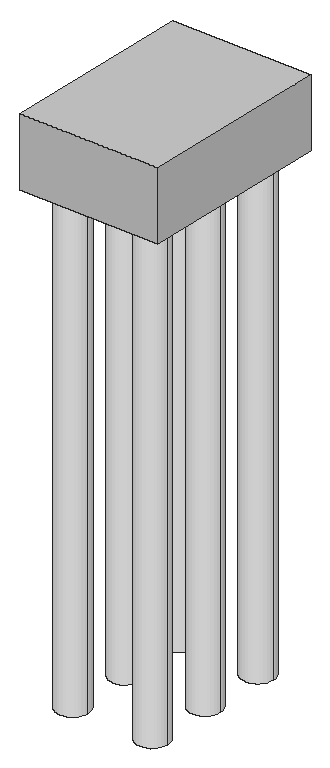
Revit family "232ff31dc58345b9a17d43a13a54a67c", category Structural Foundations, Revit 2021
Family settings
  Material for Model Behavior = Concrete
  Cap = No
  OmniClass Number = 23.25.05.11
  OmniClass Title = Foundation Piles
  Seek Item ID = Pile Cap-6 Pile-0000-USA-ENU
  Work Plane-Based = No
  Always vertical = Yes
  Cut with Voids When Loaded = No
  Shared = No
Parameters (values of type "98"x71"x35"")
  Width = 5' - 11"
  Structural Material [instance] = Concrete, Cast-in-Place gray
  Pile Type = Pile-Steel Pipe : 16" Diameter
  Length = 8' - 2"
  Foundation Thickness = 2' - 11"
  Cut-off = 0' - 6"
  Clearance = 1' - 3"
  Assembly Code = "A1010130"
Reference planes (in)
  plane 1 "Center (Front/Back)": y = 0
  plane 2: z = 0
  plane 3 "Center (Left/Right)": x = 0
  plane 4: z = -35
  plane 5: y = 49
  plane 6: x = -35.5
  plane 7: x = 35.5
  plane 8: y = -34
  plane 9: z = -29
  plane 10: x = -20.5
  plane 11: x = 20.5
  plane 12: y = 34
  plane 13: y = -49
Forms (in)
  Extrusion 1, solid, material "Concrete, Cast-in-Place gray" <- "Structural Material"
    sketch origin (0, 0, 0) x (1, 0, 0) y (0, 1, 0)
      loop
        line (-35.5, 49) -> (-35.5, -49) -> (35.5, -49) -> (35.5, 49) -> (-35.5, 49)
    from -35 to 0
Dimensions and locks (in)
  "Foundation Thickness": plane 2 to plane 4
  equal spacing: plane 6, plane 3 "Center (Left/Right)", plane 7  (x2)
  "Width": plane 6 to plane 7
  "Cut-off": plane 4 to plane 9
  "Clearance": plane 6 to plane 10
  "Clearance": plane 11 to plane 7
  "Clearance": plane 12 to plane 5
  "Clearance": plane 13 to plane 8
  "Length": plane 5 to plane 13
  equal spacing: plane 5, plane 1 "Center (Front/Back)", plane 13
  aligned and locked: plane 4 to Extrusion 1
  aligned and locked: level to Extrusion 1
  aligned and locked: plane 12 to nested 1
  aligned and locked: plane 10 to nested 2
  aligned and locked: plane 8 to nested 2
  aligned and locked: plane 11 to nested 3
  aligned and locked: plane 6 to Extrusion 1 sketch curve
  aligned and locked: plane 5 to Extrusion 1 sketch curve
  aligned and locked: plane 13 to Extrusion 1 sketch curve
  aligned and locked: plane 7 to Extrusion 1 sketch curve
  aligned and locked: plane 12 to nested 4
  aligned and locked: plane 10 to nested 1
  aligned and locked: plane 11 to nested 4
  aligned and locked: plane 8 to nested 3
  aligned and locked: plane 1 "Center (Front/Back)" to nested 5
  aligned and locked: plane 10 to nested 5
  aligned and locked: plane 11 to nested 6
  aligned and locked: plane 1 "Center (Front/Back)" to nested 6
  aligned and locked: plane 9 to nested 1
  aligned and locked: plane 9 to nested 5
  aligned and locked: plane 9 to nested 2
  aligned and locked: plane 9 to nested 4
  aligned and locked: plane 9 to nested 6
  aligned and locked: plane 9 to nested 3
Nested families (in)
  nested 1: "Pile-Steel Pipe" at (-20.5, 34, -35), type <- "Pile Type", type "16" Diameter"
    with Structural Material Steel ASTM A572
  nested 2: "Pile-Steel Pipe" at (-20.5, -34, -35), type <- "Pile Type", type "16" Diameter"
    with Structural Material Steel ASTM A572
  nested 3: "Pile-Steel Pipe" at (20.5, -34, -35), type <- "Pile Type", type "16" Diameter"
    with Structural Material Steel ASTM A572
  nested 4: "Pile-Steel Pipe" at (20.5, 34, -35), type <- "Pile Type", type "16" Diameter"
    with Structural Material Steel ASTM A572
  nested 5: "Pile-Steel Pipe" at (-20.5, 0, -35), type <- "Pile Type", type "16" Diameter"
    with Structural Material Steel ASTM A572
  nested 6: "Pile-Steel Pipe" at (20.5, 0, -35), type <- "Pile Type", type "16" Diameter"
    with Structural Material Steel ASTM A572
Definition of nested family "Pile-Steel Pipe"
  Parameters (values of type "8" Diameter")
    Structural Material [instance] = none
    Radius = Diameter / 2  # 0' - 4"
    Minimum Embedment = 0' - 6"
    Diameter = 0' - 8"
    Depth = 20' - 0"
    Assembly Code = "A1020130"
  Types (7): name | Radius | Diameter
    (no name) | 0' - 4" | 0' - 8"
    12" Diameter | 0' - 6" | 1' - 0"
    24" Diameter | 1' - 0" | 2' - 0"
    10" Diameter | 0' - 5" | 0' - 10"
    16" Diameter | 0' - 8" | 1' - 4"
    20" Diameter | 0' - 10" | 1' - 8"
    8" Diameter | 0' - 4" | 0' - 8"
  Reference planes (in)
    plane 1 "Center (Front/Back)": y = 0
    plane 2: z = 0
    plane 3 "Center (Left/Right)": x = 0
    plane 4: z = -240
    plane 5: z = 6
  Forms (in)
    Extrusion 1, solid, material <- "Structural Material"
      sketch origin (0, 0, 0) x (1, 0, 0) y (0, 1, 0)
        loop
          circle (0, 0) r 4
      from -240 to 6
  Dimensions and locks (in)
    "Depth": plane 2 to plane 4
    "Minimum Embedment": plane 5 to plane 2
    "Radius": radius of Extrusion 1 sketch curve
    aligned and locked: Extrusion 1 to plane 4
    aligned and locked: Extrusion 1 to plane 5
  Automatic sketch dimensions
    Extrusion 1 sketch curve to plane 1 "Center (Front/Back)" = 0' - 0"
    Extrusion 1 sketch curve to plane 3 "Center (Left/Right)" = 0' - 0"
